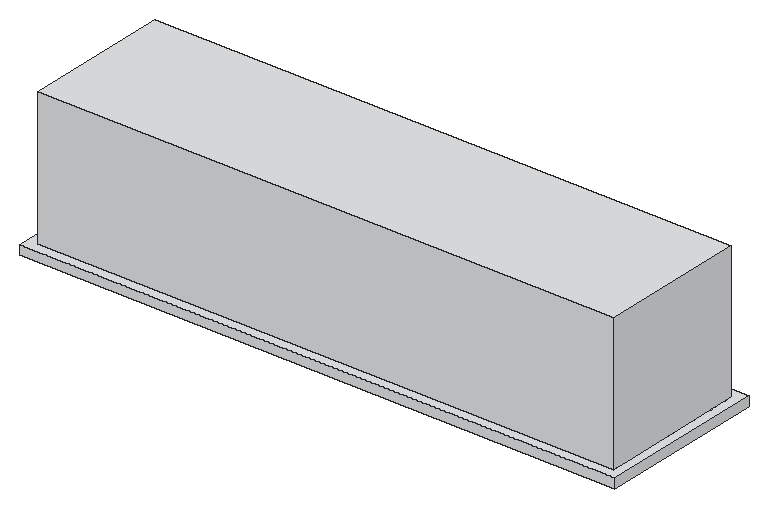
Revit family "DACN0012", category Generic Models, Revit 2017
Family settings
  Can host rebar = No
  Round Connector Dimension = Use Diameter
  Part Type = Normal
  Work Plane-Based = No
  Always vertical = Yes
  Cut with Voids When Loaded = No
  Shared = No
  Room Calculation Point = No
Parameters
  Website = "https://dolphy.in/"  # constant formula
  Contact number = "+91 9520202035"  # constant formula
  Contact email = "info@dolphy.in"  # constant formula
  Company name = "Dolphy India"  # constant formula
Reference planes
  plane 1 "Center (Front/Back)": y = 0
  plane 2: z = 0
  plane 3 "Center (Left/Right)": x = 0
Forms (mm)
  Extrusion 1, solid, material "Dolphy_CHROME"
    sketch origin (0, 0, 0) x (1, 0, 0) y (0, 1, 0)
      loop
        line (-450, 115) -> (-450, -115) -> (450, -115) -> (450, 115) -> (-450, 115)
    from 0 to 212
  Extrusion 2, solid, material "Dolphy_CHROME"
    sketch origin (0, 0, 0) x (1, 0, 0) y (0, 1, 0)
      loop
        line (-465, 130) -> (-465, -130) -> (465, -130) -> (465, 130) -> (-465, 130)
    from 0 to -15
  Extrusion 3, solid, material "Dolphy_CHROME"
    sketch origin (0, 0, 0) x (1, 0, 0) y (0, 1, 0)
      loop
        line (-450, 75) -> (450, 75) -> (450, 77.484) -> (-450, 77.484) -> (-450, 75)
      loop
        line (-450, 105) -> (450, 105) -> (450, 107.5) -> (-450, 107.5) -> (-450, 105)
    from 0 to -10
  Extrusion 4, void
    sketch origin (0, 0, 0) x (1, 0, 0) y (0, 1, 0)
      loop
        line (-450, 105) -> (-450, 100) -> (450, 100) -> (450, 105) -> (-450, 105)
    from 0 to -15
  Extrusion 5, void
    sketch origin (0, -10, 0) x (1, 0, 0) y (0, 1, 0)
      loop
        line (-450, 105) -> (-450, 100) -> (450, 100) -> (450, 105) -> (-450, 105)
    from 0 to -15
  Extrusion 6, void
    sketch origin (0, -20, 0) x (1, 0, 0) y (0, 1, 0)
      loop
        line (-450, 105) -> (-450, 100) -> (450, 100) -> (450, 105) -> (-450, 105)
    from 0 to -15
  Extrusion 7, solid, material "Dolphy_CHROME"
    sketch origin (0, 0, 0) x (1, 0, 0) y (0, 1, 0)
      loop
        line (-450, 45) -> (-450, 42.5) -> (450, 42.5) -> (450, 45) -> (-450, 45)
      loop
        line (-450, -110) -> (450, -110) -> (450, -107.5) -> (-450, -107.5) -> (-450, -110)
    from 0 to -10
  Extrusion 8, void
    sketch origin (-6.785, 0, 0) x (1, 0, 0) y (0, 1, 0)
      loop
        line (-443.215, 42.5) -> (-443.215, 37.5) -> (456.785, 37.5) -> (456.785, 42.5) -> (-443.215, 42.5)
    from 0 to -15
  Extrusion 9, void
    sketch origin (-6.785, -10, 0) x (1, 0, 0) y (0, 1, 0)
      loop
        line (-443.215, 42.5) -> (-443.215, 37.5) -> (456.785, 37.5) -> (456.785, 42.5) -> (-443.215, 42.5)
    from 0 to -15
  Extrusion 10, void
    sketch origin (-6.785, -20, 0) x (1, 0, 0) y (0, 1, 0)
      loop
        line (-443.215, 42.5) -> (-443.215, 37.5) -> (456.785, 37.5) -> (456.785, 42.5) -> (-443.215, 42.5)
    from 0 to -15
  Extrusion 11, void
    sketch origin (-6.785, -30, 0) x (1, 0, 0) y (0, 1, 0)
      loop
        line (-443.215, 42.5) -> (-443.215, 37.5) -> (456.785, 37.5) -> (456.785, 42.5) -> (-443.215, 42.5)
    from 0 to -15
  Extrusion 12, void
    sketch origin (-6.785, -40, 0) x (1, 0, 0) y (0, 1, 0)
      loop
        line (-443.215, 42.5) -> (-443.215, 37.5) -> (456.785, 37.5) -> (456.785, 42.5) -> (-443.215, 42.5)
    from 0 to -15
  Extrusion 13, void
    sketch origin (-6.785, -50, 0) x (1, 0, 0) y (0, 1, 0)
      loop
        line (-443.215, 42.5) -> (-443.215, 37.5) -> (456.785, 37.5) -> (456.785, 42.5) -> (-443.215, 42.5)
    from 0 to -15
  Extrusion 14, void
    sketch origin (-6.785, -60, 0) x (1, 0, 0) y (0, 1, 0)
      loop
        line (-443.215, 42.5) -> (-443.215, 37.5) -> (456.785, 37.5) -> (456.785, 42.5) -> (-443.215, 42.5)
    from 0 to -15
  Extrusion 15, void
    sketch origin (-6.785, -70, 0) x (1, 0, 0) y (0, 1, 0)
      loop
        line (-443.215, 42.5) -> (-443.215, 37.5) -> (456.785, 37.5) -> (456.785, 42.5) -> (-443.215, 42.5)
    from 0 to -15
  Extrusion 16, void
    sketch origin (-6.785, -80, 0) x (1, 0, 0) y (0, 1, 0)
      loop
        line (-443.215, 42.5) -> (-443.215, 37.5) -> (456.785, 37.5) -> (456.785, 42.5) -> (-443.215, 42.5)
    from 0 to -15
  Extrusion 17, void
    sketch origin (-6.785, -90, 0) x (1, 0, 0) y (0, 1, 0)
      loop
        line (-443.215, 42.5) -> (-443.215, 37.5) -> (456.785, 37.5) -> (456.785, 42.5) -> (-443.215, 42.5)
    from 0 to -15
  Extrusion 18, void
    sketch origin (-6.785, -100, 0) x (1, 0, 0) y (0, 1, 0)
      loop
        line (-443.215, 42.5) -> (-443.215, 37.5) -> (456.785, 37.5) -> (456.785, 42.5) -> (-443.215, 42.5)
    from 0 to -15
  Extrusion 19, void
    sketch origin (-6.785, -110, 0) x (1, 0, 0) y (0, 1, 0)
      loop
        line (-443.215, 42.5) -> (-443.215, 37.5) -> (456.785, 37.5) -> (456.785, 42.5) -> (-443.215, 42.5)
    from 0 to -15
  Extrusion 20, void
    sketch origin (-6.785, -120, 0) x (1, 0, 0) y (0, 1, 0)
      loop
        line (-443.215, 42.5) -> (-443.215, 37.5) -> (456.785, 37.5) -> (456.785, 42.5) -> (-443.215, 42.5)
    from 0 to -15
  Extrusion 21, void
    sketch origin (-6.785, -130, 0) x (1, 0, 0) y (0, 1, 0)
      loop
        line (-443.215, 42.5) -> (-443.215, 37.5) -> (456.785, 37.5) -> (456.785, 42.5) -> (-443.215, 42.5)
    from 0 to -15
  Extrusion 22, void
    sketch origin (-6.785, -140, 0) x (1, 0, 0) y (0, 1, 0)
      loop
        line (-443.215, 42.5) -> (-443.215, 37.5) -> (456.785, 37.5) -> (456.785, 42.5) -> (-443.215, 42.5)
    from 0 to -15
Cuts and joins
  Extrusion 4, Extrusion 5, Extrusion 6, Extrusion 8, Extrusion 9, Extrusion 10, Extrusion 11, Extrusion 12, Extrusion 13, Extrusion 14, Extrusion 15, Extrusion 16, Extrusion 17, Extrusion 18, Extrusion 19, Extrusion 20, Extrusion 21, Extrusion 22 cuts Extrusion 1
  Extrusion 4, Extrusion 5, Extrusion 6, Extrusion 8, Extrusion 9, Extrusion 10, Extrusion 11, Extrusion 12, Extrusion 13, Extrusion 14, Extrusion 15, Extrusion 16, Extrusion 17, Extrusion 18, Extrusion 19, Extrusion 20, Extrusion 21, Extrusion 22 cuts Extrusion 2
  Extrusion 4, Extrusion 5 cuts Extrusion 3
  Extrusion 8, Extrusion 9 cuts Extrusion 7
Dimensions and locks
  equal spacing: group 1, group 2, group 3  (x2)
  equal spacing: group 3, group 2, group 1
  equal spacing: group 4, group 5, group 6, group 7, group 8, group 9, group 10, group 11, group 12, group 13, group 14, group 15, group 16, group 17, group 18  (x2)
  equal spacing: group 18, group 17, group 16, group 15, group 14, group 13, group 12, group 11, group 10, group 9, group 8, group 7, group 6, group 5, group 4
  cut or joined group 1 (Extrusion 1, Extrusion 4, Extrusion 5, Extrusion 6, Extrusion 8, Extrusion 9, Extrusion 10, Extrusion 11, Extrusion 12, Extrusion 13, Extrusion 14, Extrusion 15, Extrusion 16, Extrusion 17, Extrusion 18, Extrusion 19, Extrusion 20, Extrusion 21, Extrusion 22) to cut or joined group 1 = 900 mm
  cut or joined group 1 to cut or joined group 1 = 230 mm
  cut or joined group 1 to cut or joined group of Extrusion 2, Extrusion 4, Extrusion 5, Extrusion 6, Extrusion 8, Extrusion 9, Extrusion 10, Extrusion 11, Extrusion 12, Extrusion 13, Extrusion 14, Extrusion 15, Extrusion 16, Extrusion 17, Extrusion 18, Extrusion 19, Extrusion 20, Extrusion 21, Extrusion 22 = 212 mm
  aligned and locked: level to plane 2
